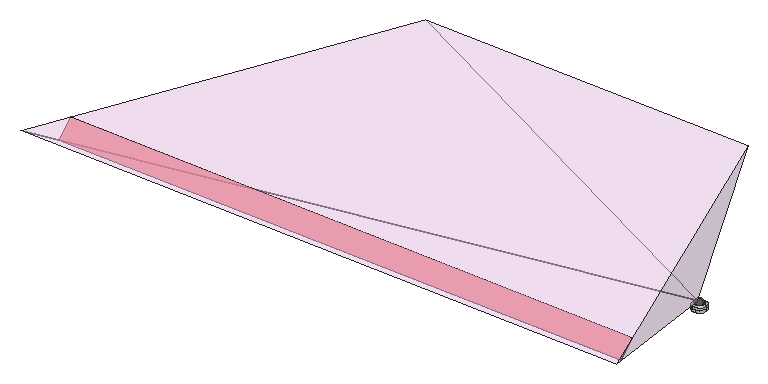
Revit family "Camera-Security-Panasonic-Super_Dynamic-Vandal_Resistant-Waterproof--H265_Varifocal-Dome-Network-U2532LSeriesX", category Security Devices, host Face, Revit 2016
Family settings
  Host = Face
  Maintain Annotation Orientation = No
  Part Type = Normal
  Round Connector Dimension = Use Diameter
  OmniClass Number = 23.85.10.14.11
  OmniClass Title = Cameras
  Cut with Voids When Loaded = No
  Shared = No
  Room Calculation Point = No
Parameters (values of type "WV-U2532L")
  z Zero = 0.000 mm  # constant formula
  z Yaw Actual [instance] = if(and(On Wall, not(On Ceiling)), Yaw Actual, Yaw Actual + 180.00°)  # 180.00°
  z VV Viewpoint Depth Min = 32.600 mm
  z VV Viewpoint Depth Max = 32.600 mm
  z VV Viewpoint Depth [instance] = (z VV Viewpoint Depth Max - z VV Viewpoint Depth Min) * z HFOV Ratio + z VV Viewpoint Depth Min  # 32.600 mm
  z VV Origin Horizontal Offset [instance] = 0.000 mm
  z VV Origin HeightX = 61.500 mm
  z VV Origin Height [instance] = if(Has Ceiling Mount, z Ceiling Mount Bottom Offset + z VV Origin HeightX, z VV Origin HeightX)  # 61.500 mm
  z VV Origin Angle [instance] = 0.00°
  z Tilt Actual [instance] = Tilt Actual  # 45.00°
  z Pan Actual Safe [instance] = if(Pan Actual = -180.00°, 180.00°, Pan Actual)  # 0.00°
  z Pan Actual [instance] = Pan Actual  # 0.00°
  z Level Offset = 500.000 mm
  z Has Ceiling Mount Bracket = (1 = 0)  # no
  z Half Height of LowerBase = (z Base Height - 12.700 mm) / 2  # 21.500 mm
  z HFOV Ratio [instance] = (Horizontal FOV Actual - Horizontal FOV Min) / (Horizontal FOV Max - Horizontal FOV Min)  # 0.29825
  z Dome Radius = 47.300 mm  # constant formula
  z Const Yaw Handle Length = 235.000 mm  # constant formula
  z Const Yaw Base2 Length = 440.000 mm  # constant formula
  z Const Yaw Base Length = 260.000 mm  # constant formula
  z Const Tilt Handle Length = 300.000 mm  # constant formula
  z Const Tilt Base2 Length = 500.000 mm  # constant formula
  z Const Tilt Base Length = 250.000 mm  # constant formula
  z Const Pan Handle Length = 495.000 mm  # constant formula
  z Ceiling Mount Bottom Offset = -42.500 mm  # constant formula
  z Camera Center Offset [instance] = if(z Has Wall Mount Bracket, 13.000 mm, 0.000 mm)  # 0.000 mm
  z Camera Bottom Height [instance] = if(Has Ceiling Mount, z Ceiling Mount Bottom Offset, 0.000 mm) + 500.000 mm  # 500.000 mm
  z Camera Angle [instance] = if(z Has Wall Mount Bracket, 0.00°, 90.00°)  # 90.00°
  z Base is Visible [instance] = not(Has Ceiling Mount)  # yes
  z Base Radius = 77.000 mm  # constant formula
  z Base Height = 55.700 mm  # constant formula
  Yawing Range = "-100 to +100"  # constant formula
  Yaw Min = -100.00°  # constant formula
  Yaw Max = 100.00°  # constant formula
  Yaw Desired [instance] = 0.00°
  Yaw Actual [instance] = if(Yaw Desired > Yaw Max, Yaw Max, if(Yaw Desired < Yaw Min, Yaw Min, Yaw Desired))  # 0.00°
  Wide Dynamic Range = yes
  Weight [instance] = if(not(Has Ceiling Mount), 2.65 lbf, 3.53 lbf)  # 2.65 lbf
  Water and Dust Resistance = "IP66 (IEC 60529), Type 4X (UL50E), NEMA 4X compliant"  # constant formula
  Voltage DC = 48 V  # constant formula
  Vertical FOV Min [instance] = if(and(Aspect Ratio 4_3, not(Aspect Ratio 16_9)), VFOV Min 43, VFOV Min 169)  # 24.00°
  Vertical FOV Max [instance] = if(and(Aspect Ratio 4_3, not(Aspect Ratio 16_9)), VFOV Max 43, VFOV Max 169)  # 55.00°
  Vertical FOV Actual [instance] = z HFOV Ratio * (Vertical FOV Max - Vertical FOV Min) + Vertical FOV Min  # 33.2456°
  Vandal Resistant = yes
  VFOV Min 43 = 27.00°
  VFOV Min 169 = 24.00°
  VFOV Max 43 = 61.00°
  VFOV Max 169 = 55.00°
  URL = "http://security.panasonic.com/pss/security/"
  Tilting Range = "-30 to +85"  # constant formula
  Tilt Min = -30.00°  # constant formula
  Tilt Max = 85.00°  # constant formula
  Tilt Desired [instance] = 45.00°
  Tilt Actual [instance] = if(Tilt Desired > Tilt Max, Tilt Max, if(Tilt Desired < Tilt Min, Tilt Min, Tilt Desired))  # 45.00°
  Storage Temperature = Operational Temperature  # "-30 °C to +50 °C (-22 °F to +122 °F)"
  Show View Volume [instance] = yes
  Shock Resistance = "IK10 (IEC 62262)"  # constant formula
  Resolution_WQHD [instance] = and(not(Resolution_FullHD), Camera Type = 2542)  # no
  Resolution_HD [instance] = and(not(Resolution_FullHD), Camera Type = 2532)  # no
  Resolution_FullHD [instance] = yes
  Regulatory Compliance = "UL (UL60950-1), c-UL (CSA C22.2 No.60950-1), CE, IEC60950-1, FCC (Part15 ClassA), ICES003 ClassA, EN55032 ClassB, EN55024"  # constant formula
  Provide Feedback = "https://www.surveymonkey.com/s/95FL6QY"
  Product Page URL = "https://security.panasonic.com/products_technology/products/wv-u2532l/"
  Product Material = Paint - Panasonic - i-PRO White
  Product Documentation Link = "https://bizpartner.panasonic.net/public/ppr/product/11051?accordion_tab=96"
  Power Active = 6.7 W
  Part Number = Model  # "WV-U2532L"
  Part Description = Description  # "Security Camera, Fixed Dome, Network, Super Dynamic Vandal Resistant  Weatherproof, H.265 Varifocal, FullHD"
  Panning Range = "-75 to +285"  # constant formula
  Pan Min = -75.00°  # constant formula
  Pan Max = 285.00°  # constant formula
  Pan Desired [instance] = 0.00°
  Pan Actual [instance] = if(Pan Desired > Pan Max, Pan Max, if(Pan Desired < Pan Min, Pan Min, Pan Desired))  # 0.00°
  PPM Desired [instance] = 300
  PPM Actual [instance] = if(PPM Desired > 1, PPM Desired, 1)  # 300
  Original Creation Date = "2020/01/28"
  Operational Temperature = "-30 °C to +50 °C (-22 °F to +122 °F)"  # constant formula
  Operational Humidity = "10 to 100 % (no condensation)"  # constant formula
  On Wall [instance] = not(On Ceiling)  # no
  On Ceiling [instance] = yes
  Mounting Positions = "Mount Dependent or Surface Mount"  # constant formula
  Model Disclaimer = "Contact Panasonic for more information"  # constant formula
  Model = "WV-U2532L"
  Minimum Illumination = 0.100 lx
  Manufacturer = "Panasonic"  # constant formula
  Indoor Or Outdoor = "Outdoor"  # constant formula
  IP Or Analog = "IP"  # constant formula
  Horizontal Resolution Actual [instance] = if(and(Aspect Ratio 4_3, not(Aspect Ratio 16_9)), Horizontal Resolution 43, Horizontal Resolution 169)  # 1920
  Horizontal Resolution 43 [instance] = if(Resolution_FullHD, 1600, if(Resolution_HD, 1280, 1600))  # 1600
  Horizontal Resolution 169 [instance] = if(Resolution_FullHD, 1920, if(Resolution_WQHD, 2560, if(Resolution_HD, 1280, 1920)))  # 1920
  Horizontal FOV Min [instance] = if(and(Aspect Ratio 4_3, not(Aspect Ratio 16_9)), HFOV Min 43, HFOV Min 169)  # 43.00°
  Horizontal FOV Max [instance] = if(and(Aspect Ratio 4_3, not(Aspect Ratio 16_9)), HFOV Max 43, HFOV Max 169)  # 100.00°
  Horizontal FOV Desired [instance] = 60.00°
  Horizontal FOV Actual [instance] = if(Horizontal FOV Desired > Horizontal FOV Max, Horizontal FOV Max, if(Horizontal FOV Desired < Horizontal FOV Min, Horizontal FOV Min, Horizontal FOV Desired))  # 60.00°
  Height = 103.000 mm  # constant formula
  z Has Wall Mount Bracket = (1 = 0)  # no
  Has POE = yes
  Has Ceiling Mount [instance] = no
  HFOV Min 43 = 35.00°
  HFOV Min 169 = 43.00°
  HFOV Max 43 = 82.00°
  HFOV Max 169 = 100.00°
  Family Version = "1.0.0"  # constant formula
  Equipment Number [instance] = ""
  Equipment Abbreviation = "SC"
  Distance to Screen [instance] = 10000.000 mm
  Distance to PPM Target [instance] = if(PPM Actual = 0, 0.000 mm, 1000.000 mm * Horizontal Resolution Actual / (PPM Actual * 2 * tan(Horizontal FOV Actual / 2)))  # 5542.563 mm
  Distance to Floor [instance] = 3000.000 mm
  Distance to Ceiling [instance] = 0.000 mm
  Diameter = 154.000 mm  # constant formula
  Description = "Security Camera, Fixed Dome, Network, Super Dynamic Vandal Resistant  Weatherproof, H.265 Varifocal, FullHD"
  Default Elevation = 0.000 mm
  Day Or Night = "Yes"  # constant formula
  Date Last Modified = "2020/01/28"
  Copyright = "Copyright © Panasonic"  # constant formula
  Communication Ports = "10Base-T / 100Base-TX, RJ45 connector"  # constant formula
  Camera Type = 2532
  Audio Out = "N/A"  # constant formula
  Audio In = "N/A"  # constant formula
  Aspect Ratio 4_3 [instance] = and(not(Aspect Ratio 16_9), Camera Type = 2532)  # no
  Aspect Ratio 16_9 [instance] = yes
  Angle Of View = "100"
  Alarm Input Or Output Specification = "N/A"  # constant formula
  Accessory Part [instance] = if(Has Ceiling Mount, "WV-Q169A", "Select a Mounting Option")  # "Select a Mounting Option"
Types (2, lengths in mm): name | Vertical FOV Max | Vertical FOV Actual | VFOV Min 43 | VFOV Max 43 | VFOV Max 169 | Resolution_WQHD | Resolution_FullHD | Product Page URL | Product Documentation Link | Power Active | Part Number | Part Description | Model | Minimum Illumination | Horizontal Resolution Actual | Horizontal Resolution 169 | HFOV Min 43 | HFOV Max 43 | Distance to PPM Target | Description | Camera Type
  WV-U2532L | 55.00° | 33.2456° | 27.00° | 61.00° | 55.00° | no | yes | "https://security.panasonic.com/products_technology/products/wv-u2532l/" | "https://bizpartner.panasonic.net/public/ppr/product/11051?accordion_tab=96" | 6.7 W | "WV-U2532L" | "Security Camera, Fixed Dome, Network, Super Dynamic Vandal Resistant  Weatherproof, H.265 Varifocal, FullHD" | "WV-U2532L" | 0.100 lx | 1920 | 1920 | 35.00° | 82.00° | 5542.563 | "Security Camera, Fixed Dome, Network, Super Dynamic Vandal Resistant  Weatherproof, H.265 Varifocal, FullHD" | 2532
  WV-U2542L | 56.00° | 33.5439° | 24.00° | 56.00° | 56.00° | yes | no | "https://security.panasonic.com/products_technology/products/wv-u2542l/" | "https://bizpartner.panasonic.net/public/ppr/product/11052?accordion_tab=96" | 7.2 W | "WV-U2542L" | "Security Camera, Fixed Dome, Network, Super Dynamic Vandal Resistant  Weatherproof, H.265 Varifocal, WQHD" | "WV-U2542L" | 0.300 lx | 2560 | 2560 | 43.00° | 100.00° | 7390.083 | "Security Camera, Fixed Dome, Network, Super Dynamic Vandal Resistant  Weatherproof, H.265 Varifocal, WQHD" | 2542
Reference planes
  plane 1 "Center (Front/Back)": y = 0
  plane 2: z = 0
  plane 3 "Center (Left/Right)": x = 0
  plane 4 "Body Bottom": z = 0
  plane 5: y = 0
  plane 6: z = 392
  plane 7 "Level Offset": z = -500
  plane 8: y = 73.5
  plane 9 "BP": z = 61.5
Forms (mm)
  Revolve 1, solid, material "Glass - Panasonic - Black"
    sketch origin (0, 0, 27.164) x (0, 0, 1) y (1, 0, 0)
      loop
        line (75.836, 0) -> (28.536, 0) -> (28.536, -47.3)
        arc (28.536, -47.3) -> (61.982, -33.446) -> (75.836, 0) r 47.3
      axis (75.836, 0) -> (28.536, 0)
    angle from 0 to 360
  Revolve 2, solid, material "Paint - Panasonic - i-PRO White" <- "Product Material", visible <- "z Base is Visible"
    sketch origin (0, 0, 0) x (0, 0, 1) y (1, 0, 0)
      loop
        line (0, 0) -> (55.7, 0) -> (55.7, 55) -> (43, 75) -> (21.5, 75) -> (21.5, 77) -> (0, 77) -> (0, 0)
      axis (55.7, 0) -> (0, 0)
    angle from 0 to 360
  Revolve 3, solid, material "Paint - Panasonic - i-PRO White" <- "Product Material", visible <- "Has Ceiling Mount"
    sketch origin (0, 0, 0) x (0, 0, 1) y (0, -1, 0)
      loop
        line (55.7, 0) -> (53.7, 0) -> (53.7, -47.3) -> (55.7, -47.3) -> (55.7, 0)
      axis (53.7, 0) -> (55.7, 0)
    angle from 0 to 360
Lines and regions (mm)
  reference lines
    curve 1: line (0, 0, 0) -> (0, 0, 55.7)
    curve 2: line (0, -25.4, 276.363) -> (0, 25.4, 276.363)
  symbolic lines, visible <- "z Has Wall Mount Bracket"
    curve 3: line (-29.21, -68.262, 0) -> (29.21, -68.262, 0)
Dimensions and locks
  "z Camera Center Offset": plane 5 to plane 1 "Center (Front/Back)"
  "z Base Height": curve 1 to curve 1
  "z Base Radius": Revolve 2 sketch curve to Revolve 2 sketch curve
  "z Dome Radius": Revolve 1 sketch curve to Revolve 1 sketch curve
  locked: Revolve 2 sketch curve to Revolve 2 sketch curve at 2
  locked: Revolve 2 sketch curve to Revolve 2 sketch curve at 55
  locked: Revolve 2 sketch curve to Revolve 2 sketch curve at 12.7
  equal spacing: Revolve 2 sketch curve, Revolve 2 sketch curve, Revolve 2 sketch curve
  "z Half Height of LowerBase": Revolve 2 sketch curve to Revolve 2 sketch curve
  plane 8 to plane 5 = 73.500 mm
  "z Dome Radius": Revolve 3 sketch curve to Revolve 3 sketch curve
  "z VV Origin Height": plane 9 "BP" to host face
  "z Level Offset": level to plane 7 "Level Offset"
  "z Camera Bottom Height": plane 4 "Body Bottom" to plane 7 "Level Offset"
  "z Dome Radius": radius of Revolve 1 sketch curve
  radius of nested 1 = 105.150 mm
  "z Camera Angle": angle curve 1 to plane 4 "Body Bottom"
  aligned and locked: plane 2 to host face
  aligned and locked: level to host face
  aligned and locked: plane 4 "Body Bottom" to curve 1
  aligned and locked: plane 5 to curve 1
  aligned and locked: Revolve 1 to curve 1
  aligned and locked: plane 5 to nested 1
  aligned and locked: plane 3 "Center (Left/Right)" to Revolve 2 sketch curve  (x2)
  aligned and locked: Revolve 1 sketch curve to curve 1  (x2)
  aligned and locked: curve 1 to Revolve 3 sketch curve
  aligned and locked: Revolve 2 to Revolve 3 sketch curve
  aligned and locked: nested 2 to plane 3 "Center (Left/Right)"
  aligned and locked: nested 2 to plane 1 "Center (Front/Back)"
Automatic sketch dimensions
  host sketch curve to host sketch curve = 2438.400 mm  (x2)
  curve 3 to plane 3 "Center (Left/Right)" = 29.210 mm
  plane 3 "Center (Left/Right)" to curve 3 = 29.210 mm
  curve 1 to curve 2 = 25.400 mm
  curve 1 to curve 2 = 220.663 mm
  curve 2 to curve 1 = 25.400 mm
  plane 1 "Center (Front/Back)" to curve 3 = 68.262 mm
  Revolve 1 sketch curve to curve 1 = 0.000 mm
  Revolve 1 sketch curve to Revolve 1 sketch curve = 166.925 mm
  Revolve 1 sketch curve to Revolve 1 sketch curve = 95.250 mm
  Revolve 2 sketch curve to curve 1 = 0.000 mm  (x2)
  Revolve 2 sketch curve to Revolve 2 sketch curve = 11.516 mm
  Revolve 2 sketch curve to Revolve 2 sketch curve = 9.121 mm
  Revolve 3 sketch curve to curve 1 = 2.000 mm
  Revolve 3 sketch curve to curve 1 = 0.000 mm  (x3)
Nested families
  nested 1: "CeilingMount" at (0, 0, 0), visible <- "Has Ceiling Mount", Dome Radius <- "z Dome Radius", type "Mount"
    with z Bracket Radius 105.150 mm, Product Material Paint - Panasonic - Silver, Has Ceiling Mount yes, Dome Radius 47.300 mm
  nested 2: "Camera-Security-Panasonic-ViewVolumePTYZ" at (0, 0, 61.5), Viewpoint Depth <- "z VV Viewpoint Depth", Base Height Offset <- "z VV Origin Height", Base Angle Offset <- "z VV Origin Angle", Viewpoint Origin Horizontal Offset <- "z VV Origin Horizontal Offset", Yaw <- "Yaw Actual", Tilt <- "Tilt Actual", Pan <- "Pan Actual", HFOV <- "Horizontal FOV Actual", VFOV <- "Vertical FOV Actual", On Wall <- "On Wall", On Ceiling <- "On Ceiling", Screen Depth <- "Distance to Screen", Floor Distance <- "Distance to Floor", Ceiling Distance <- "Distance to Ceiling", Target Depth <- "Distance to PPM Target", visible <- "Show View Volume", type "Camera-Security-Panasonic-ViewVolumePTYZ"
    with z Yaw Actual 0.00°, z Void Width 31735.205 mm, z Void Thickness 10094.100 mm, z Void Height Start -15867.603 mm, z Void Height End 15867.603 mm, z Void Direction 0, z Void Angle 0.00°, z Viewpoint Depth 32.600 mm, z Tilt Actual 45.00°, z Target Width 6400.000 mm, z Target Visible yes, z Target Height 3309.425 mm, z Target Depth 5575.163 mm, z Screen Width 11547.005 mm, z Screen Height 5970.929 mm, z Screen Depth 10032.600 mm, z Pan Actual 0.00°, z Floor Distance 3000.000 mm, z Ceiling Distance 0.000 mm, Yaw 0.00°, Viewpoint Origin Horizontal Offset 0.000 mm, Viewpoint Depth 32.600 mm, VFOV 33.2456°, Tilt 45.00°, Target Depth 5542.563 mm, Screen Depth 10000.000 mm, Pan 0.00°, On Wall no, On Floor no, On Default Mount Type 0, On Ceiling yes, HFOV 60.00°, Floor Distance 3000.000 mm, Ceiling Distance 0.000 mm, Base Height Offset 61.500 mm, Base Angle Offset 0.00°
Connectors
  electrical at (0, 0, 0), driven by "Voltage DC", driven by "Power Active"
    settings: on Revolve 2, index 1, voltage 48 V, apparent load 6.7 W, apparent load phase1 0.0 W, apparent load phase2 0.0 W, apparent load phase3 0.0 W, power factor 1, load classification "Other", number of poles 1, system type 30, power factor state 1, is connector primary yes, connector utility no, sub classification motor no, connector description "Electrical Connection"
  electrical at (0, 0, 0)
    settings: on Revolve 2, index 2, voltage 0 V, apparent load 0.0 W, apparent load phase1 0.0 W, apparent load phase2 0.0 W, apparent load phase3 0.0 W, power factor 1, load classification "Other", number of poles 1, system type 5, power factor state 1, is connector primary no, connector utility no, sub classification motor no, connector description "Data Connection"
Definition of nested family "CeilingMount"
  Parameters (values of type "Mount")
    z Bracket Radius [instance] = Dome Radius + 57.850 mm  # 105.150 mm
    URL = "http://panasonic.net"
    Product Material [instance] = none
    Part Number = Model  # "WV-Q169A"
    Model = "WV-Q169A"
    Manufacturer = "Panasonic"
    Keynote = ""
    Has Ceiling Mount [instance] = yes
    Dome Radius [instance] = 47.300 mm
    Default Elevation = 0.000 mm
    Assembly Code = ""
  Reference planes
    plane 1 "Center (Front/Back)": y = 0
    plane 2: z = 0
    plane 3 "Center (Left/Right)": x = 0
    plane 4: z = 13.2
    plane 5: z = 5.588
    plane 6: z = 0
    plane 7: x = -47.3
    plane 8: z = 8.128
    plane 9: z = 109.728
    plane 10: z = 79.908
    plane 11: z = 96.876
    plane 12: z = -92.202
    plane 13: z = -82.526
    plane 14: z = -79.351
    plane 15: z = 139.7
    plane 16: z = 196.85
    plane 17: y = -69.85
    plane 18: y = 69.85
    plane 19: z = 12.7
    plane 20: y = -39.81
    plane 21: y = 33.85
    plane 22: x = 77.47
    plane 23: x = 82.55
    plane 24: x = 80.175
    plane 25: y = -82.55
    plane 26: y = -76.2
    plane 27: x = 73.825
    plane 28: x = 96.05
    plane 29: y = 9.525
    plane 30: y = -9.525
    plane 31: x = -105.15
  Forms (mm)
    Extrusion 1, solid
      sketch origin (0, 0, 0) x (1, 0, 0) y (0, 1, 0)
        loop
          line (-1219.2, 1219.2) -> (-1219.2, -1219.2) -> (1219.2, -1219.2) -> (1219.2, 1219.2) -> (-1219.2, 1219.2)
      from 0 to -304.8
    Revolve 2, solid, visible <- "Has Ceiling Mount"
      sketch origin (0, 0, 0) x (1, 0, 0) y (0, 0, 1)
        loop
          line (-105.15, 5.588) -> (-105.15, 0) -> (-47.3, 0) -> (-47.3, 13.2) -> (-83.232, 13.2) -> (-105.15, 5.588)
        axis (0, 0) -> (0, 13.2)
      angle from 0 to 360
  Dimensions and locks
    plane 5 to plane 6 = 5.588 mm
    locked: plane 4 to plane 6 at 13.2
    "Dome Radius": plane 3 "Center (Left/Right)" to plane 7
    plane 15 to Extrusion 1 = 139.700 mm
    locked: plane 20 to plane 21 at 73.66
    "z Bracket Radius": plane 3 "Center (Left/Right)" to plane 31
    aligned and locked: plane 2 to Extrusion 1
    aligned and locked: level to Extrusion 1
    aligned and locked: Revolve 2 sketch curve to plane 4
  Automatic sketch dimensions
    Extrusion 1 sketch curve to Extrusion 1 sketch curve = 2438.400 mm  (x2)
    Revolve 2 sketch curve to level = 0.000 mm
    plane 31 to Revolve 2 sketch curve = 0.000 mm
    Revolve 2 sketch curve to plane 7 = 0.000 mm
    Revolve 2 sketch curve to plane 5 = 0.000 mm
    Revolve 2 sketch curve to plane 3 "Center (Left/Right)" = 0.000 mm
    Revolve 2 sketch curve to plane 31 = 21.918 mm
    plane 4 to Revolve 2 sketch curve = 3.553 mm
    Revolve 2 sketch curve to Revolve 2 sketch curve = 4.471 mm
Definition of nested family "Camera-Security-Panasonic-ViewVolumePTYZ"
  Parameters
    z Yaw Actual [instance] = if(Yaw < 0.00°, 360.00° - (abs(Yaw) - rounddown(abs(Yaw) / 360.00°) * 360.00°), Yaw - rounddown(Yaw / 360.00°) * 360.00°)  # 0.00°
    z Void Width [instance] = if(z Screen Width > z Screen Height, z Screen Width, z Screen Height) + abs(Viewpoint Origin Horizontal Offset) + z Void Thickness * 2  # 32147.005 mm
    z Void Thickness [instance] = z Screen Depth + abs(Base Height Offset)  # 10300.000 mm
    z Void Height Start [instance] = -z Void Width / 2  # -16073.503 mm
    z Void Height End [instance] = z Void Width / 2  # 16073.503 mm
    z Void Direction [instance] = if((if(On Wall, 1, 0) + if(On Floor, 1, 0) + if(On Ceiling, 1, 0)) = 1, if(On Ceiling, 0, if(On Wall, 1, 2)), On Default Mount Type)  # 0
    z Viewpoint Depth [instance] = if(Viewpoint Depth < 1.000 mm, 1.000 mm, Viewpoint Depth)  # 150.000 mm
    z Tilt Actual [instance] = if(Tilt < 0.00°, 360.00° - (abs(Tilt) - rounddown(abs(Tilt) / 360.00°) * 360.00°), Tilt - rounddown(Tilt / 360.00°) * 360.00°)  # 45.00°
    z Target Visible [instance] = not(Screen Depth < Target Depth)  # yes
    z Target Thickness Start = -z Target Thickness / 2  # -1.000 mm
    z Target Thickness End = z Target Thickness / 2  # 1.000 mm
    z Target Depth [instance] = Target Depth + Viewpoint Depth  # 2150.000 mm
    z Pan Actual [instance] = if(Pan < 0.00°, 360.00° - (abs(Pan) - rounddown(abs(Pan) / 360.00°) * 360.00°), Pan - rounddown(Pan / 360.00°) * 360.00°)  # 0.00°
    z Floor Distance [instance] = if(z Void Direction = 2, if(Floor Distance < 0.000 mm, 0.000 mm, Floor Distance), if(Floor Distance < 10.000 mm, 10.000 mm, Floor Distance))  # 3000.000 mm
    z Const Yaw Base2 Length = 440.000 mm  # constant formula
    z Const Tilt Base2 Length = 500.000 mm  # constant formula
    z Ceiling Distance [instance] = if(z Void Direction = 2, if(Ceiling Distance < 10.000 mm, 10.000 mm, Ceiling Distance), if(Ceiling Distance < 0.000 mm, 0.000 mm, Ceiling Distance))  # 0.000 mm
    z Const Void Handle Length = 600.000 mm  # constant formula
    z Void Angle [instance] = if(z Void Direction = 0, 0.00° + Base Angle Offset, if(z Void Direction = 1, 90.00° + Base Angle Offset, 180.00° + Base Angle Offset))  # 0.00°
    z Screen Depth [instance] = if(Screen Depth < 100.000 mm, 100.000 mm + Viewpoint Depth, Screen Depth + Viewpoint Depth)  # 10150.000 mm
    Original Creation Date = "September, 15, 2016"  # constant formula
    On Default Mount Type [instance] = 0
    Manufacturer = "Panasonic"  # constant formula
    Family Version = "1.0.0"  # constant formula
    Default Elevation = 1219.200 mm
    Date Last Modified = "September, 15, 2016"  # constant formula
    Copyright = "Copyright © Panasonic"  # constant formula
    Base Height Offset [instance] = 150.000 mm
    Base Angle Offset [instance] = 0.00°
    z Viewpoint Width = 1.000 mm  # constant formula
    z Viewpoint Height = 1.000 mm  # constant formula
    VFOV [instance] = 33.75°
    z Target Width [instance] = Target Depth * tan(HFOV / 2) * 2  # 2309.401 mm
    z Target Thickness = 2.000 mm  # constant formula
    z Target Height [instance] = Target Depth * tan(VFOV / 2) * 2  # 1213.387 mm
    Target Depth [instance] = 2000.000 mm
    z Screen Width [instance] = (z Screen Depth - Viewpoint Depth) * tan(HFOV / 2) * 2  # 11547.005 mm
    z Screen Height [instance] = (z Screen Depth - Viewpoint Depth) * tan(VFOV / 2) * 2  # 6066.934 mm
    Screen Depth [instance] = 10000.000 mm
    z Const Yaw Handle Length = 235.000 mm  # constant formula
    z Const Yaw Base Length = 260.000 mm  # constant formula
    Viewpoint Depth [instance] = 150.000 mm
    Viewpoint Origin Horizontal Offset [instance] = 0.000 mm
    z Const Tilt Handle Length = 360.000 mm  # constant formula
    z Const Tilt Base Length = 250.000 mm  # constant formula
    z Const Pan Handle Length = 500.000 mm  # constant formula
    z Const Pan Axis Length = 400.000 mm  # constant formula
    On Wall [instance] = no
    On Floor [instance] = no
    On Ceiling [instance] = yes
    HFOV [instance] = 60.00°
    Yaw [instance] = 0.00°
    Tilt [instance] = 45.00°
    Pan [instance] = 0.00°
    Floor Distance [instance] = 3000.000 mm
    Ceiling Distance [instance] = 0.000 mm
  Reference planes
    plane 1 "Center (Front/Back)": y = 0
    plane 2: z = 0
    plane 3 "Center (Left/Right)": x = 0
    plane 4 "VoidOffsetBase": z = -150
  Forms (mm)
    Extrusion 1, void
      sketch origin (0, 0, -150) x (0, 0, 1) y (0, -1, 0)
        loop
          line (13300, 16073.503) -> (3000, 16073.503) -> (3000, -16073.503) -> (13300, -16073.503) -> (13300, 16073.503)
        loop
          line (0, 16073.503) -> (-10300, 16073.503) -> (-10300, -16073.503) -> (0, -16073.503) -> (0, 16073.503)
      from -16073.503 <- "z Void Height Start" to 16073.503 <- "z Void Height End"
    Blend 2, solid
      base sketch origin (0, -106.066, 106.066) x (0, 0.707107, 0.707107) y (-1, 0, 0)
        loop
          line (-0.5, -0.5) -> (0.5, -0.5) -> (0.5, 0.5) -> (-0.5, 0.5) -> (-0.5, -0.5)
      top sketch origin (0, -7177.134, 7177.134) x (0, 0.707107, 0.707107) y (-1, 0, 0)
        loop
          line (-3033.467, -5773.503) -> (3033.467, -5773.503) -> (3033.467, 5773.503) -> (-3033.467, 5773.503) -> (-3033.467, -5773.503)
      from 0 to 0
    Extrusion 3, solid, visible <- "z Target Visible"
      sketch origin (0, -1520.28, 1520.28) x (0, 0.707107, 0.707107) y (-1, 0, 0)
        loop
          line (-606.693, -1154.701) -> (606.693, -1154.701) -> (606.693, 1154.701) -> (-606.693, 1154.701) -> (-606.693, -1154.701)
      from -1 <- "z Target Thickness Start" to 1 <- "z Target Thickness End"
  Cuts and joins
    Extrusion 1 cuts Blend 2
    Extrusion 1 cuts Extrusion 3
  Lines and regions (mm)
    reference lines
      curve 1: line (0, 0, 0) -> (500, 0, 0)
      curve 2: line (0, 0, -400) -> (0, 0, 0)
      curve 3: line (0, 0, 0) -> (0, -250, 0)
      curve 4: line (0, 0, 0) -> (0, 0, 500)
      curve 5: line (0, -254.558, 254.558) -> (0, 0, 0)
      curve 6: line (0, 0, 0) -> (0, 183.848, 183.848)
      curve 7: line (0, 0, 0) -> (-440, 0, 0)
      curve 8: line (0, 0, 0) -> (-235, 0, 0)
      curve 9: line (0, -106.066, 106.066) -> (0, 0, 0)
      curve 10: line (0, 0, 0) -> (0, -1520.28, 1520.28)
      curve 11: line (0, 0, 0) -> (0, -7177.134, 7177.134)
      curve 12: line (-0.5, -105.712, 106.42) -> (0.5, -105.712, 106.42)
      curve 13: line (-0.5, -106.42, 105.712) -> (0.5, -106.42, 105.712)
      curve 14: line (-0.5, -105.712, 106.42) -> (-0.5, -106.42, 105.712)
      curve 15: line (0.5, -105.712, 106.42) -> (0.5, -106.42, 105.712)
      curve 16: line (-1154.701, -1091.283, 1949.277) -> (1154.701, -1091.283, 1949.277)
      curve 17: line (-1154.701, -1949.277, 1091.283) -> (1154.701, -1949.277, 1091.283)
      curve 18: line (-1154.701, -1091.283, 1949.277) -> (-1154.701, -1949.277, 1091.283)
      curve 19: line (1154.701, -1091.283, 1949.277) -> (1154.701, -1949.277, 1091.283)
      curve 20: line (-5773.503, -5032.149, 9322.119) -> (-5773.503, -9322.119, 5032.149)
      curve 21: line (5773.503, -5032.149, 9322.119) -> (5773.503, -9322.119, 5032.149)
      curve 22: line (-5773.503, -5032.149, 9322.119) -> (5773.503, -5032.149, 9322.119)
      curve 23: line (-5773.503, -9322.119, 5032.149) -> (5773.503, -9322.119, 5032.149)
      curve 24: line (0, 0, -150) -> (0, 0, 450)
      curve 25: line (0, -16073.503, 13150) -> (0, 16073.503, 13150)
      curve 26: line (0, -16073.503, 2850) -> (0, -16073.503, 13150)
      curve 27: line (0, 16073.503, 2850) -> (0, -16073.503, 2850)
      curve 28: line (0, 16073.503, 13150) -> (0, 16073.503, 2850)
      curve 29: line (0, -16073.503, -150) -> (0, 16073.503, -150)
      curve 30: line (0, -16073.503, -10450) -> (0, -16073.503, -150)
      curve 31: line (0, 16073.503, -10450) -> (0, -16073.503, -10450)
      curve 32: line (0, 16073.503, -150) -> (0, 16073.503, -10450)
  Dimensions and locks
    "z Const Pan Handle Length": curve 1 to curve 1
    "z Const Pan Axis Length": curve 2 to curve 2
    "z Const Tilt Base Length": curve 3 to curve 3
    "z Const Pan Axis Length": curve 1 to curve 2
    "Viewpoint Origin Horizontal Offset": curve 4 to curve 2
    "z Const Tilt Base2 Length": curve 4 to curve 4
    "z Const Tilt Handle Length": curve 5 to curve 5
    "z Const Yaw Base Length": curve 6 to curve 6
    "z Const Yaw Base2 Length": curve 7 to curve 7
    "z Const Yaw Handle Length": curve 8 to curve 8
    "z Viewpoint Depth": curve 9 to curve 9
    "z Target Depth": curve 10 to curve 10
    "z Screen Depth": curve 11 to curve 11
    equal spacing: curve 13, curve 9, curve 12
    "z Viewpoint Height": curve 13 to curve 12
    equal spacing: curve 14, curve 9, curve 15
    "z Viewpoint Width": curve 14 to curve 15
    equal spacing: curve 17, curve 10, curve 16
    "z Target Height": curve 17 to curve 16
    equal spacing: curve 18, curve 10, curve 19
    "z Target Width": curve 18 to curve 19
    equal spacing: curve 20, curve 11, curve 21
    "z Screen Width": curve 20 to curve 21
    equal spacing: curve 23, curve 11, curve 22
    "z Screen Height": curve 23 to curve 22
    "z Const Void Handle Length": curve 24 to curve 24
    equal spacing: curve 26, curve 24, curve 28
    "z Void Width": curve 26 to curve 28
    "z Floor Distance": curve 27 to curve 24
    "z Ceiling Distance": curve 29 to curve 24
    "z Void Thickness": curve 31 to curve 29
    "z Void Thickness": curve 25 to curve 27
    "Base Height Offset": level to plane 4 "VoidOffsetBase"
    locked: curve 3 to curve 2 (angle 90.00°)
    locked: curve 3 to curve 4 (angle 90.00°)
    "z Tilt Actual": angle curve 4 to curve 5
    locked: curve 6 to curve 7 (angle 90.00°)
    locked: curve 6 to curve 5 (angle 90.00°)
    locked: curve 9 to curve 5 (angle 0.00°)
    locked: curve 10 to curve 5 (angle 0.00°)
    locked: curve 11 to curve 5 (angle 0.00°)
    "z Void Angle": angle plane 1 "Center (Front/Back)" to curve 24
    "z Yaw Actual": angle curve 7 to curve 8
    "z Pan Actual": angle plane 1 "Center (Front/Back)" to curve 1
    aligned and locked: level to plane 2
    aligned and locked: curve 2 to curve 1
    aligned and locked: curve 2 to curve 3
    aligned and locked: curve 3 to curve 2
    aligned and locked: curve 3 to curve 5
    aligned and locked: curve 6 to curve 7
    aligned and locked: curve 6 to curve 8
    aligned and locked: curve 8 to curve 7
    aligned and locked: curve 7 to curve 6
    aligned and locked: curve 5 to curve 11
    aligned and locked: curve 11 to curve 8
    aligned and locked: curve 12 to curve 15
    aligned and locked: curve 15 to curve 15
    aligned and locked: curve 14 to curve 14
    aligned and locked: curve 13 to curve 15
    aligned and locked: curve 16 to curve 19
    aligned and locked: curve 18 to curve 18
    aligned and locked: curve 17 to curve 19
    aligned and locked: curve 22 to curve 22
    aligned and locked: curve 21 to curve 23
    aligned and locked: curve 20 to curve 23
    aligned and locked: curve 23 to curve 23
    aligned and locked: plane 1 "Center (Front/Back)" to curve 24
    aligned and locked: curve 30 to curve 26
    aligned and locked: curve 28 to curve 32
    aligned and locked: Extrusion 1 sketch curve to curve 25
    aligned and locked: Extrusion 1 sketch curve to curve 26
    aligned and locked: Extrusion 1 sketch curve to curve 27
    aligned and locked: Extrusion 1 sketch curve to curve 28
    aligned and locked: Extrusion 1 sketch curve to curve 29
    aligned and locked: Extrusion 1 sketch curve to curve 30
    aligned and locked: Extrusion 1 sketch curve to curve 31
    aligned and locked: Extrusion 1 sketch curve to curve 32
    aligned and locked: Extrusion 1 sketch curve to Extrusion 1 sketch curve  (x8)
    aligned and locked: Blend 2 sketch curve to curve 15
    aligned and locked: Blend 2 sketch curve to curve 13
    aligned and locked: Blend 2 sketch curve to curve 14
    aligned and locked: Blend 2 sketch curve to curve 12
    aligned and locked: Blend 2 sketch curve to Blend 2 sketch curve  (x8)
    aligned and locked: Blend 2 sketch curve to curve 21
    aligned and locked: Blend 2 sketch curve to curve 23
    aligned and locked: Blend 2 sketch curve to curve 20
    aligned and locked: Blend 2 sketch curve to curve 22
    aligned and locked: Extrusion 3 sketch curve to curve 19
    aligned and locked: Extrusion 3 sketch curve to curve 17
    aligned and locked: Extrusion 3 sketch curve to curve 18
    aligned and locked: Extrusion 3 sketch curve to curve 16
    aligned and locked: Extrusion 3 sketch curve to Extrusion 3 sketch curve  (x4)
    aligned and locked: plane 3 "Center (Left/Right)" to curve 1
    aligned and locked: plane 1 "Center (Front/Back)" to curve 1
    aligned and locked: level to curve 2
    aligned and locked: plane 4 "VoidOffsetBase" to curve 24
  Automatic sketch dimensions
    curve 6 to curve 5 = 0.000 mm
    curve 6 to curve 5 = 260.000 mm
